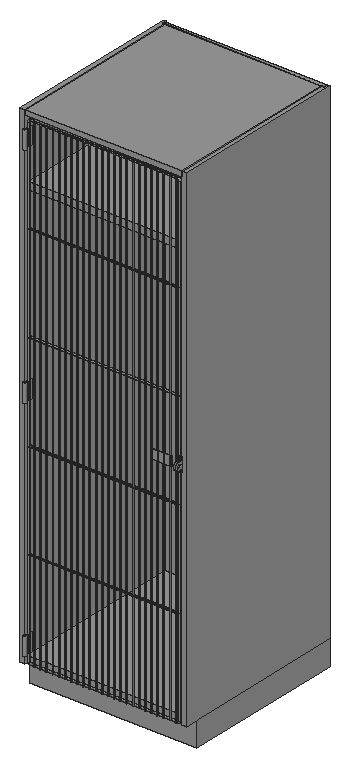
Revit family "TMI_M3044-Music_WireDoors1", category Casework, Revit 2016
Family settings
  OmniClass Number = 23.40.35.14.11
  OmniClass Title = Modular Casework
  Work Plane-Based = No
  Always vertical = Yes
  Cut with Voids When Loaded = No
  Shared = No
  Room Calculation Point = No
Parameters (values of type "27" x 84-1/2" x 29"")
  URL = "www.tmisystems.com"
  Toe Kick Height = 4"
  Toe Kick Depth = 2"
  Shelf Thickness = 1 1/8"
  Model = "M3044"
  Manufacturer = "TMI Systems Corporation"
  Interior Finish = none
  Filler Width (Hinge) [instance] = 3"
  Filler (Pull Side) [instance] = no
  Filler (Hinge Side) [instance] = no
  Filler Width (Pull) [instance] = 3"
  Description = "Cello, Guitar, Snare Drums, Field Drum"
  Depth = 29"
  Height = 84 1/2"
  Width = 27"
  Casework Thickness = 3/4"
  Casework Back Thickness = 1/2"
  Cabinet Finish = Plastic Laminate
  Assembly Code = ""
Types (2): name | Depth
  27" x 84-1/2" x 29" | 29"
  27" x 84-1/2" x 39" | 39"
Reference planes (in)
  plane 1 "Back": y = 15
  plane 2: z = 0
  plane 3 "Center (Left/Right)": x = 0.7377
  plane 4 "Left": x = -12.7623
  plane 5 "Right": x = 14.2377
  plane 6 "Front": y = -14
  plane 7 "Top": z = 84.5
  plane 8: y = 14.375
  plane 9: x = -12.0123
  plane 10: x = 13.4877
  plane 11: z = 83.75
  plane 12: y = 14.875
  plane 13: y = -12
  plane 14: z = 4
  plane 15: z = 5.125
  plane 16: y = -13.61906
  plane 17: y = -11.25
  plane 18: y = -13.25
  plane 19: y = -13.49461
  plane 20: z = 42.25
  plane 21: z = 83.25
  plane 22: x = 13.8627
  plane 23: x = -12.3873
  plane 24: z = 73.875
  plane 25: y = -13.60344
Forms (in)
  Extrusion 1, solid, material "Plastic Laminate" <- "Cabinet Finish"
    sketch origin (0, 0.21844, 0) x (1, 0, 0) y (0, 1, 0)
      loop
        line (-12.7623, 14.78156) -> (-12.7623, -14.21844) -> (-12.0123, -14.21844) -> (-12.0123, 14.15656) -> (-12.38677, 14.15656) -> (-12.38677, 14.78156) -> (-12.7623, 14.78156)
      loop
        line (13.86077, 14.78156) -> (13.86077, 14.15656) -> (13.4877, 14.15656) -> (13.4877, -14.21844) -> (14.2377, -14.21844) -> (14.2377, 14.78156) -> (13.86077, 14.78156)
    from 4 to 84.5
  Extrusion 2, solid, material "Plastic Laminate" <- "Cabinet Finish"
    sketch origin (0.84915, 11.94613, -1.44731) x (1, 0, 0) y (0, 0, 1)
      loop
        line (-12.86145, 6.57231) -> (-12.86145, 5.44731) -> (12.63855, 5.44731) -> (12.63855, 6.57231) -> (-12.86145, 6.57231)
    from -2.42887 to 25.54956
  Extrusion 3, solid, material "Plastic Laminate" <- "Cabinet Finish"
    sketch origin (0, 0, 0) x (1, 0, 0) y (0, 1, 0)
      loop
        line (-12.38677, 14.875) -> (-12.38677, 14.375) -> (13.86077, 14.375) -> (13.86077, 14.875) -> (-12.38677, 14.875)
    from 84.5 to 4
  Extrusion 4, solid, material "Plastic Laminate" <- "Cabinet Finish", visible <- "Filler (Pull Side)"
    sketch origin (0, -14, 0) x (1, 0, 0) y (0, 0, 1)
      loop
        line (14.2377, 84.5) -> (14.2377, 4) -> (17.2377, 4) -> (17.2377, 84.5) -> (14.2377, 84.5)
    from -0.75 to 0
  Extrusion 5, solid, material "Plastic Laminate" <- "Cabinet Finish", visible <- "Filler (Hinge Side)"
    sketch origin (0, -14, 0) x (1, 0, 0) y (0, 0, 1)
      loop
        line (-15.7623, 84.5) -> (-15.7623, 4) -> (-12.7623, 4) -> (-12.7623, 84.5) -> (-15.7623, 84.5)
    from -0.75 to 0
  Extrusion 6, solid, material "Wood"
    sketch origin (0, 0, 0) x (1, 0, 0) y (0, 0, 1)
      loop
        line (14.2377, 4) -> (-12.7623, 4) -> (-12.7623, 0) -> (14.2377, 0) -> (14.2377, 4)
    from -15 to 12
  Extrusion 7, solid, material "Wood", visible <- "Filler (Pull Side)"
    sketch origin (0, 0, 0) x (1, 0, 0) y (0, 0, 1)
      loop
        line (17.2377, 4) -> (14.2377, 4) -> (14.2377, 0) -> (17.2377, 0) -> (17.2377, 4)
    from 11.25 to 12
  Extrusion 8, solid, material "Wood", visible <- "Filler (Hinge Side)"
    sketch origin (0, 0, 0) x (1, 0, 0) y (0, 0, 1)
      loop
        line (-12.7623, 4) -> (-15.7623, 4) -> (-15.7623, 0) -> (-12.7623, 0) -> (-12.7623, 4)
    from 11.25 to 12
  Extrusion 9, solid, material "Plastic Laminate" <- "Cabinet Finish"
    sketch origin (0, -14, 0) x (1, 0, 0) y (0, 0, 1)
      loop
        line (-12.0123, 72.75) -> (13.4877, 72.75) -> (13.4877, 73.875) -> (-12.0123, 73.875) -> (-12.0123, 72.75)
    from -28.375 to -0.50539
  Extrusion 10, solid, material "Plastic Laminate" <- "Cabinet Finish"
    sketch origin (0, 15, 0) x (1, 0, 0) y (0, 0, 1)
      loop
        line (-12.0123, 84.5) -> (-12.0123, 83.75) -> (13.4877, 83.75) -> (13.4877, 84.5) -> (-12.0123, 84.5)
    from 0.625 to 29
Lines and regions (in)
  Masking region 1
    outline origin (44.5, 0, 0) x (1, 0, 0) y (0, 1, 0)
      loop
        line (-57.2623, 15) -> (-57.2623, -14) -> (-30.2623, -14) -> (-30.2623, 15) -> (-57.2623, 15)
  Masking region 2, visible <- "Filler (Hinge Side)"
    outline origin (0, 0, 0) x (1, 0, 0) y (0, 1, 0)
      loop
        line (-15.7623, -13.25) -> (-15.7623, -14) -> (-12.7623, -14) -> (-12.7623, -13.25) -> (-15.7623, -13.25)
  Masking region 3, visible <- "Filler (Pull Side)"
    outline origin (0, 0, 0) x (1, 0, 0) y (0, 1, 0)
      loop
        line (14.2377, -13.25) -> (14.2377, -14) -> (17.2377, -14) -> (17.2377, -13.25) -> (14.2377, -13.25)
  symbolic lines, style "CaseworkHiddenLines"
    curve 1: line (-0.1998, -14, 0) -> (-0.3248, -14, 0)
    curve 2: line (1.9252, -14, 0) -> (2.0502, -14, 0)
Dimensions and locks (in)
  "Width": plane 4 "Left" to plane 5 "Right"
  equal spacing: plane 4 "Left", plane 3 "Center (Left/Right)", plane 5 "Right"
  "Casework Thickness": plane 4 "Left" to plane 9
  "Casework Thickness": plane 10 to plane 5 "Right"
  "Casework Thickness": plane 7 "Top" to plane 11
  "Filler Width (Pull)": plane 5 "Right" to Extrusion 4
  "Filler Width (Hinge)": Extrusion 5 to plane 4 "Left"
  "Depth": plane 6 "Front" to plane 1 "Back"
  locked: plane 12 to plane 1 "Back" at 0.125
  "Toe Kick Depth": plane 13 to plane 6 "Front"
  "Toe Kick Height": plane 14 to level
  "Height": plane 7 "Top" to level
  locked: plane 6 "Front" to plane 16 at 0.38094
  locked: plane 6 "Front" to plane 18 at 0.75
  locked: plane 17 to plane 13 at 0.75
  plane 16 to plane 19 = 0.12445"
  equal spacing: plane 7 "Top", plane 20, plane 2
  locked: plane 11 to plane 21 at 0.5
  "Shelf Thickness": plane 15 to plane 14
  equal spacing: plane 4 "Left", plane 23, plane 9
  equal spacing: plane 10, plane 22, plane 5 "Right"
  "Casework Back Thickness": plane 12 to plane 8
  equal spacing: plane 23, plane 3 "Center (Left/Right)", plane 22
  "Shelf Thickness": plane 24 to Extrusion 9
  locked: plane 16 to plane 25 at 0.01562
  locked: plane 11 to plane 24 at 9.875
  aligned and locked: plane 2 to level
  aligned and locked: Extrusion 1 sketch curve to plane 4 "Left"
  aligned and locked: Extrusion 1 sketch curve to plane 9
  aligned and locked: Extrusion 1 sketch curve to plane 10
  aligned and locked: Extrusion 1 sketch curve to plane 5 "Right"
  aligned and locked: Extrusion 1 to plane 1 "Back"  (x2)
  aligned and locked: plane 8 to Extrusion 3 sketch curve
  aligned and locked: Extrusion 1 to plane 7 "Top"
  aligned and locked: plane 7 "Top" to Extrusion 4 sketch curve
  aligned and locked: Extrusion 4 sketch curve to plane 5 "Right"
  aligned and locked: plane 7 "Top" to Extrusion 5 sketch curve
  aligned and locked: Extrusion 7 to Extrusion 6
  aligned and locked: Extrusion 8 to Extrusion 6
  aligned and locked: plane 14 to Extrusion 8
  aligned and locked: plane 14 to Extrusion 6
  aligned and locked: plane 14 to Extrusion 7
  aligned and locked: Extrusion 4 to plane 14
  aligned and locked: Extrusion 5 to plane 14
  aligned and locked: Extrusion 1 to plane 14
  aligned and locked: Extrusion 2 to plane 14
  aligned and locked: plane 15 to Extrusion 2
  aligned and locked: Extrusion 6 to Extrusion 1
  aligned and locked: plane 1 "Back" to Masking region 1 sketch curve
  aligned and locked: Extrusion 8 to plane 13
  aligned and locked: plane 8 to Extrusion 9
  aligned and locked: plane 4 "Left" to Masking region 2 sketch curve
  aligned and locked: Masking region 3 sketch curve to plane 5 "Right"
  aligned and locked: plane 6 "Front" to Extrusion 1  (x2)
  aligned and locked: plane 6 "Front" to Extrusion 4
  aligned and locked: plane 6 "Front" to Extrusion 5
  aligned and locked: plane 17 to Extrusion 7
  aligned and locked: Extrusion 4 to plane 18
  aligned and locked: Extrusion 5 to plane 18
  aligned and locked: plane 17 to Extrusion 8
  aligned and locked: Extrusion 8 to Extrusion 5
  aligned and locked: Masking region 2 to Extrusion 5
  aligned and locked: Masking region 2 to plane 18
  aligned and locked: Extrusion 4 to Extrusion 7
  aligned and locked: Masking region 3 to Extrusion 4
  aligned and locked: Masking region 3 to plane 18
  aligned and locked: Extrusion 2 to plane 9
  aligned and locked: Extrusion 9 to plane 19
  aligned and locked: Extrusion 2 to plane 10
  aligned and locked: Extrusion 10 sketch curve to plane 11
  aligned and locked: plane 9 to Extrusion 10 sketch curve
  aligned and locked: Extrusion 10 sketch curve to plane 10
  aligned and locked: plane 6 "Front" to Extrusion 10
  aligned and locked: plane 9 to Extrusion 1
  aligned and locked: plane 6 "Front" to Masking region 1
  aligned and locked: Extrusion 10 to plane 7 "Top"
  aligned and locked: plane 8 to Extrusion 10
  aligned and locked: Extrusion 3 to Extrusion 1  (x2)
  aligned and locked: plane 8 to Extrusion 2
  aligned and locked: Extrusion 3 to plane 14
  aligned and locked: Extrusion 3 to plane 7 "Top"
  aligned and locked: plane 10 to Extrusion 9 sketch curve
  aligned and locked: Extrusion 9 sketch curve to plane 9
  aligned and locked: plane 24 to Extrusion 9 sketch curve
  aligned and locked: nested 1 to plane 14
  aligned and locked: plane 9 to nested 1
  aligned and locked: nested 1 to plane 6 "Front"
  aligned and locked: plane 25 to Extrusion 2
Automatic sketch dimensions
  curve 1 to level = 0"
  curve 2 to level = 0"
  curve 1 to curve 1 = 1/8"
  curve 2 to curve 2 = 1/8"
  plane 1 "Back" to Extrusion 1 sketch curve = 0"  (x2)
  Extrusion 1 sketch curve to plane 8 = 0"  (x2)
  plane 6 "Front" to Extrusion 1 sketch curve = 0"  (x2)
  Extrusion 1 sketch curve to plane 23 = 0.00052"
  plane 22 to Extrusion 1 sketch curve = 0.00194"
  Extrusion 2 sketch curve to plane 9 = 0"
  plane 10 to Extrusion 2 sketch curve = 0"
  Extrusion 2 sketch curve to plane 14 = 0"
  Extrusion 2 sketch curve to plane 15 = 0"
  Extrusion 3 sketch curve to plane 12 = 0"
  Extrusion 3 sketch curve to plane 23 = 0.00052"
  plane 22 to Extrusion 3 sketch curve = 0.00194"
  Extrusion 4 sketch curve to plane 14 = 0"
  Extrusion 4 sketch curve to plane 5 "Right" = 3"
  Extrusion 5 sketch curve to plane 14 = 0"
  plane 4 "Left" to Extrusion 5 sketch curve = 0"
  Extrusion 5 sketch curve to Extrusion 5 sketch curve = 3"
  plane 4 "Left" to Extrusion 6 sketch curve = 0"
  Extrusion 6 sketch curve to level = 0"
  plane 5 "Right" to Extrusion 6 sketch curve = 0"
  Extrusion 6 sketch curve to plane 14 = 0"
  plane 5 "Right" to Extrusion 7 sketch curve = 0"
  Extrusion 7 sketch curve to level = 0"
  Extrusion 7 sketch curve to plane 14 = 0"
  Extrusion 7 sketch curve to plane 5 "Right" = 3"
  Extrusion 8 sketch curve to plane 14 = 0"
  Extrusion 8 sketch curve to level = 0"
  plane 4 "Left" to Extrusion 8 sketch curve = 0"
  Extrusion 8 sketch curve to Extrusion 8 sketch curve = 3"
  Masking region 1 sketch curve to plane 4 "Left" = 0"
  Masking region 1 sketch curve to plane 5 "Right" = 0"
  plane 6 "Front" to Masking region 1 sketch curve = 0"
  plane 6 "Front" to Masking region 2 sketch curve = 0"
  plane 18 to Masking region 2 sketch curve = 0"
  plane 4 "Left" to Masking region 2 sketch curve = 3"
  plane 6 "Front" to Masking region 3 sketch curve = 0"
  plane 18 to Masking region 3 sketch curve = 0"
  Masking region 3 sketch curve to Masking region 3 sketch curve = 3"
  Extrusion 10 sketch curve to plane 7 "Top" = 0"
  Extrusion 9 sketch curve to plane 24 = 1 1/8"
  plane 3 "Center (Left/Right)" to curve 2 = 1 3/16"
  curve 1 to plane 3 "Center (Left/Right)" = 15/16"
Nested families (in)
  nested 1: "Full Height Wire Grille Door 27in Wide" at (0.73685, -13.76369, 4), type "Full Height Wire Grille Door 27in Wide"
    with Number of Verticle Bars 24, Bar Spacing 1"
Definition of nested family "Full Height Wire Grille Door 27in Wide"
  Parameters (values of type "Full Height Wire Grille Door 27in Wide")
    Width = 24 1/2"
    Pull height from Bottom of Casework = 37 13/16"
    Number of Verticle Bars [instance] = (Width / Bar Spacing) - 1  # 24
    Height = 79 1/4"
    Distance of Hinge from Edge of Casework = 2 13/16"
    Bar Spacing [instance] = 1"
  Reference planes (in)
    plane 1 "Center (Front/Back)": y = 0
    plane 2: z = 0
    plane 3 "Center (Left/Right)": x = 0
    plane 4: x = -12.37415
    plane 5: x = -12.12585
    plane 6: z = 79.25
    plane 7: z = 79
    plane 8: z = 79.125
    plane 9: x = -12.25
    plane 10: x = 12.38138
    plane 11: x = 12.11862
    plane 12: x = 12.25
    plane 13: z = 0.25
    plane 14: z = 0.125
    plane 15: y = -0.125
    plane 16: z = 39.625
    plane 17: z = 47.525
    plane 18: z = 63.325
    plane 19: z = 31.725
    plane 20: z = 15.925
    plane 21: y = -0.17188
    plane 22: x = -11.25
    plane 23: y = 0.28516
    plane 24: x = 12.75638
    plane 25: y = -0.23631
    plane 26: z = 37.8125
    plane 27: z = 2.8125
    plane 28: z = 76.4375
    plane 29: z = 38.9375
    plane 30: z = 37.8125
  Forms (in)
    Sweep 1, solid
      path origin (0, 0, 0) x (1, 0, 0) y (0, 0, 1)
        loop
          arc (-12, 79.125) -> (-12.17678, 79.05178) -> (-12.25, 78.875) r 0.25
          line (-12.25, 78.875) -> (-12.25, 0.375)
          arc (-12.25, 0.375) -> (-12.17678, 0.19822) -> (-12, 0.125) r 0.25
          line (-12, 0.125) -> (12, 0.125)
          arc (12, 0.125) -> (12.17678, 0.19822) -> (12.25, 0.375) r 0.25
          line (12.25, 0.375) -> (12.25, 78.875)
          arc (12.25, 78.875) -> (12.17678, 79.05178) -> (12, 79.125) r 0.25
          line (12, 79.125) -> (-12, 79.125)
      profile "4 Circle : 4 Circle" origin (0, 0, 79.125) x (0, 0, 1) y (0, -1, 0)
        loop
          circle (0, 0) r 0.125
    Extrusion 2, solid
      sketch origin (0, 0, 0) x (0, 1, 0) y (0, 0, 1)
        loop
          circle (0, 63.325) r 0.125
        loop
          circle (0, 47.525) r 0.125
        loop
          circle (0, 15.925) r 0.125
        loop
          circle (0, 31.725) r 0.125
      from -12.25 to 12.25
    Extrusion 3, solid
      sketch origin (-0.62456, 0, 0) x (1, 0, 0) y (0, 1, 0)
        loop
          circle (-10.62544, -0.17188) r 0.0625
      from 0 to 79.25
    Extrusion 4, solid
      sketch origin (0.37544, 0, 0) x (1, 0, 0) y (0, 1, 0)
        loop
          circle (-10.62544, -0.17188) r 0.0625
      from 0 to 79.25
    Extrusion 5, solid
      sketch origin (1.37544, 0, 0) x (1, 0, 0) y (0, 1, 0)
        loop
          circle (-10.62544, -0.17188) r 0.0625
      from 0 to 79.25
    Extrusion 6, solid
      sketch origin (2.37544, 0, 0) x (1, 0, 0) y (0, 1, 0)
        loop
          circle (-10.62544, -0.17188) r 0.0625
      from 0 to 79.25
    Extrusion 7, solid
      sketch origin (3.37544, 0, 0) x (1, 0, 0) y (0, 1, 0)
        loop
          circle (-10.62544, -0.17188) r 0.0625
      from 0 to 79.25
    Extrusion 8, solid
      sketch origin (4.37544, 0, 0) x (1, 0, 0) y (0, 1, 0)
        loop
          circle (-10.62544, -0.17188) r 0.0625
      from 0 to 79.25
    Extrusion 9, solid
      sketch origin (5.37544, 0, 0) x (1, 0, 0) y (0, 1, 0)
        loop
          circle (-10.62544, -0.17188) r 0.0625
      from 0 to 79.25
    Extrusion 10, solid
      sketch origin (6.37544, 0, 0) x (1, 0, 0) y (0, 1, 0)
        loop
          circle (-10.62544, -0.17188) r 0.0625
      from 0 to 79.25
    Extrusion 11, solid
      sketch origin (7.37544, 0, 0) x (1, 0, 0) y (0, 1, 0)
        loop
          circle (-10.62544, -0.17188) r 0.0625
      from 0 to 79.25
    Extrusion 12, solid
      sketch origin (8.37544, 0, 0) x (1, 0, 0) y (0, 1, 0)
        loop
          circle (-10.62544, -0.17188) r 0.0625
      from 0 to 79.25
    Extrusion 13, solid
      sketch origin (9.37544, 0, 0) x (1, 0, 0) y (0, 1, 0)
        loop
          circle (-10.62544, -0.17188) r 0.0625
      from 0 to 79.25
    Extrusion 14, solid
      sketch origin (10.37544, 0, 0) x (1, 0, 0) y (0, 1, 0)
        loop
          circle (-10.62544, -0.17188) r 0.0625
      from 0 to 79.25
    Extrusion 15, solid
      sketch origin (11.37544, 0, 0) x (1, 0, 0) y (0, 1, 0)
        loop
          circle (-10.62544, -0.17188) r 0.0625
      from 0 to 79.25
    Extrusion 16, solid
      sketch origin (12.37544, 0, 0) x (1, 0, 0) y (0, 1, 0)
        loop
          circle (-10.62544, -0.17188) r 0.0625
      from 0 to 79.25
    Extrusion 17, solid
      sketch origin (13.37544, 0, 0) x (1, 0, 0) y (0, 1, 0)
        loop
          circle (-10.62544, -0.17188) r 0.0625
      from 0 to 79.25
    Extrusion 18, solid
      sketch origin (14.37544, 0, 0) x (1, 0, 0) y (0, 1, 0)
        loop
          circle (-10.62544, -0.17188) r 0.0625
      from 0 to 79.25
    Extrusion 19, solid
      sketch origin (15.37544, 0, 0) x (1, 0, 0) y (0, 1, 0)
        loop
          circle (-10.62544, -0.17188) r 0.0625
      from 0 to 79.25
    Extrusion 20, solid
      sketch origin (16.37544, 0, 0) x (1, 0, 0) y (0, 1, 0)
        loop
          circle (-10.62544, -0.17188) r 0.0625
      from 0 to 79.25
    Extrusion 21, solid
      sketch origin (17.37544, 0, 0) x (1, 0, 0) y (0, 1, 0)
        loop
          circle (-10.62544, -0.17188) r 0.0625
      from 0 to 79.25
    Extrusion 22, solid
      sketch origin (18.37544, 0, 0) x (1, 0, 0) y (0, 1, 0)
        loop
          circle (-10.62544, -0.17188) r 0.0625
      from 0 to 79.25
    Extrusion 23, solid
      sketch origin (19.37544, 0, 0) x (1, 0, 0) y (0, 1, 0)
        loop
          circle (-10.62544, -0.17188) r 0.0625
      from 0 to 79.25
    Extrusion 24, solid
      sketch origin (20.37544, 0, 0) x (1, 0, 0) y (0, 1, 0)
        loop
          circle (-10.62544, -0.17188) r 0.0625
      from 0 to 79.25
    Extrusion 25, solid
      sketch origin (21.37544, 0, 0) x (1, 0, 0) y (0, 1, 0)
        loop
          circle (-10.62544, -0.17188) r 0.0625
      from 0 to 79.25
    Extrusion 26, solid
      sketch origin (22.37544, 0, 0) x (1, 0, 0) y (0, 1, 0)
        loop
          circle (-10.62544, -0.17188) r 0.0625
      from 0 to 79.25
    Extrusion 27, solid
      sketch origin (0, 0, 0) x (1, 0, 0) y (0, 0, 1)
        loop
          line (7.94388, 38.5625) -> (7.94388, 37.0625) -> (11.13138, 37.0625) -> (11.13138, 38.5625) -> (7.94388, 38.5625)
      from 0.23631 to 0.33984
  Lines and regions (in)
    model lines
      curve 1: line (12.27951, 0, 79.125) -> (-12.25002, 0, 39.625)
      curve 2: line (-12.25002, 0, 39.625) -> (12.25, 0, 0.125)
  Dimensions and locks (in)
    locked: plane 6 to plane 7 at 0.25
    equal spacing: plane 6, plane 8, plane 7
    equal spacing: plane 4, plane 9, plane 5
    locked: plane 4 to plane 5 at 0.24829
    equal spacing: plane 10, plane 12, plane 11
    plane 10 to plane 11 = 0.26276"
    equal spacing: plane 13, plane 14, plane 2
    locked: plane 13 to plane 2 at 0.25
    equal spacing: plane 12, plane 3 "Center (Left/Right)", plane 9
    locked: plane 15 to plane 1 "Center (Front/Back)" at 0.125
    "Width": plane 12 to plane 9
    "Height": plane 6 to plane 2
    plane 8 to plane 14 = 79"
    equal spacing: plane 8, plane 18, plane 17, plane 19, plane 20, plane 14
    "Bar Spacing": plane 9 to plane 22
    locked: plane 15 to plane 21 at 0.04688
    plane 1 "Center (Front/Back)" to plane 23 = 73/256"
    locked: plane 10 to plane 24 at 0.375
    locked: plane 21 to plane 25 at 0.06444
    "Pull height from Bottom of Casework": plane 26 to plane 2
    "Distance of Hinge from Edge of Casework": plane 6 to plane 28
    "Distance of Hinge from Edge of Casework": plane 27 to plane 2
    equal spacing: plane 6, plane 16, level
    locked: plane 29 to plane 26 at 1.125
    equal spacing: group 1, group 2, group 3, group 4, group 5, group 6, group 7, group 8, group 9, group 10, group 11, group 12, group 13, group 14, group 15, group 16, group 17, group 18, group 19, group 20, group 21, group 22, group 23, group 24  (x3)
    locked: Extrusion 27 sketch curve to Extrusion 27 sketch curve at 1.5
    locked: Extrusion 27 sketch curve to Extrusion 27 sketch curve at 3.1875
    equal spacing: Extrusion 27 sketch curve, plane 30, Extrusion 27 sketch curve
    locked: nested 1 to Extrusion 27 sketch curve at 1.25
    aligned and locked: plane 2 to level
    aligned and locked: Sweep 1 sketch curve to plane 12
    aligned and locked: Sweep 1 sketch curve to plane 8
    aligned and locked: plane 9 to Sweep 1 sketch curve
    aligned and locked: plane 14 to Sweep 1 sketch curve
    aligned and locked: Extrusion 2 to plane 12
    aligned and locked: Extrusion 2 to plane 9
    aligned and locked: Extrusion 3 to plane 2
    aligned and locked: nested 1 to plane 10
    aligned and locked: nested 1 to plane 23
    aligned and locked: plane 24 to nested 2
    aligned and locked: nested 2 to plane 23
    aligned and locked: plane 10 to nested 1
    aligned and locked: nested 3 to plane 4
    aligned and locked: plane 25 to nested 3
    aligned and locked: nested 3 to plane 28
    aligned and locked: nested 4 to plane 4
    aligned and locked: plane 25 to nested 4
    aligned and locked: nested 4 to plane 27
    aligned and locked: nested 5 to plane 4
    aligned and locked: nested 5 to plane 16
    aligned and locked: plane 25 to nested 5
    aligned and locked: plane 6 to Extrusion 3
    aligned and locked: nested 2 to plane 29
    aligned and locked: nested 1 to plane 29
    aligned and locked: plane 30 to plane 26
    aligned and locked: plane 25 to Extrusion 27
    aligned and locked: nested 1 to Extrusion 27
  Automatic sketch dimensions
    plane 5 to Sweep 1 sketch curve = 0.12585"
    Sweep 1 sketch curve to Sweep 1 sketch curve = 1/4"  (x2)
    plane 11 to Sweep 1 sketch curve = 0.11862"
    Extrusion 2 sketch curve to plane 1 "Center (Front/Back)" = 0"  (x4)
    Extrusion 2 sketch curve to plane 20 = 0"
    Extrusion 2 sketch curve to plane 19 = 0"
    Extrusion 2 sketch curve to plane 17 = 0"
    Extrusion 2 sketch curve to plane 18 = 0"
    curve 2 to plane 16 = 0"
    plane 12 to curve 2 = 0"
    curve 1 to plane 8 = 0"
    curve 2 to plane 14 = 0"
    curve 2 to plane 9 = 0"
    curve 1 to plane 12 = 0.02951"
    radius of Extrusion 3 sketch curve = 1/16"
    radius of Extrusion 2 sketch curve = 1/8"  (x4)
    radius of Extrusion 4 sketch curve = 1/16"
    radius of Extrusion 5 sketch curve = 1/16"
    radius of Extrusion 6 sketch curve = 1/16"
    radius of Extrusion 7 sketch curve = 1/16"
    radius of Extrusion 8 sketch curve = 1/16"
    radius of Extrusion 9 sketch curve = 1/16"
    radius of Extrusion 10 sketch curve = 1/16"
    radius of Extrusion 11 sketch curve = 1/16"
    radius of Extrusion 12 sketch curve = 1/16"
    radius of Extrusion 13 sketch curve = 1/16"
    radius of Extrusion 14 sketch curve = 1/16"
    radius of Extrusion 15 sketch curve = 1/16"
    radius of Extrusion 16 sketch curve = 1/16"
    radius of Extrusion 17 sketch curve = 1/16"
    radius of Extrusion 18 sketch curve = 1/16"
    radius of Extrusion 19 sketch curve = 1/16"
    radius of Extrusion 20 sketch curve = 1/16"
    radius of Extrusion 21 sketch curve = 1/16"
    radius of Extrusion 22 sketch curve = 1/16"
    radius of Extrusion 23 sketch curve = 1/16"
    radius of Extrusion 24 sketch curve = 1/16"
    radius of Extrusion 25 sketch curve = 1/16"
    radius of Extrusion 26 sketch curve = 1/16"
  Nested families (in)
    nested 1: "Pad Lock" at (12.38138, -0.33984, 37.8125), type "Pad Lock"
    nested 2: "Pad Lock" at (12.69388, -0.33984, 37.8125), type "Pad Lock"
    nested 3: "5k hinge (music)" at (-12.5929, 0.76369, 75.03125) x (-1, 0, 0) z (0, 0, 1), type "5k hinge (music)"
      with Width 16"
    nested 4: "5k hinge (music)" at (-12.5929, 0.76369, 1.40625) x (-1, 0, 0) z (0, 0, 1), type "5k hinge (music)"
      with Width 16"
    nested 5: "5k hinge (music)" at (-12.5929, 0.76369, 38.21875) x (-1, 0, 0) z (0, 0, 1), type "5k hinge (music)"
      with Width 16"
  Definition of nested family "Pad Lock"
    Reference planes (in)
      plane 1 "Center (Front/Back)": y = 0
      plane 2: z = 0
      plane 3 "Center (Left/Right)": x = 0
      plane 4: z = 1.125
      plane 5: z = -1.125
      plane 6: y = -1.125
      plane 7: y = 0.625
      plane 8: y = -0.5625
      plane 9: x = 0.0625
    Forms (in)
      Extrusion 1, solid
        sketch origin (0, 0.00036, 0.01611) x (0, 0, 1) y (0, -1, 0)
          loop
            line (0.98389, 0) -> (0.56967, 0) -> (0.56967, 0.56286)
            arc (0.56967, 0.56286) -> (0, 1.13253) -> (-0.56967, 0.56286) r 0.56967
            line (-0.56967, 0.56286) -> (-0.56967, 0) -> (-1.01611, 0)
            arc (-1.01611, 0) -> (-1.1045, -0.03661) -> (-1.14111, -0.125) r 0.125
            line (-1.14111, -0.125) -> (-1.14111, -0.62464) -> (1.10889, -0.62464) -> (1.10889, -0.125)
            arc (1.10889, -0.125) -> (1.07227, -0.03661) -> (0.98389, 0) r 0.125
          loop
            circle (0, 0.56286) r 0.375
        from 0 to 0.0625
    Dimensions and locks (in)
      locked: plane 4 to plane 5 at 2.25
      locked: plane 6 to plane 7 at 1.75
      locked: plane 9 to plane 3 "Center (Left/Right)" at 0.0625
      equal spacing: plane 1 "Center (Front/Back)", plane 8, plane 6
      locked: plane 7 to plane 1 "Center (Front/Back)" at 0.625
      equal spacing: plane 5, plane 2, plane 4
      aligned and locked: plane 2 to level
      aligned and locked: plane 9 to Extrusion 1
    Automatic sketch dimensions
      Extrusion 1 sketch curve to Extrusion 1 sketch curve = 0"  (x2)
      Extrusion 1 sketch curve to plane 5 = 0"
      Extrusion 1 sketch curve to plane 8 = 0"
      plane 4 to Extrusion 1 sketch curve = 0"
      Extrusion 1 sketch curve to plane 7 = 0"
      Extrusion 1 sketch curve to plane 1 "Center (Front/Back)" = 0.00036"
      plane 5 to Extrusion 1 sketch curve = 1/8"
      Extrusion 1 sketch curve to level = 0.55355"
      level to Extrusion 1 sketch curve = 0.01611"
      Extrusion 1 sketch curve to Extrusion 1 sketch curve = 1/8"
      Extrusion 1 sketch curve to plane 1 "Center (Front/Back)" = 0.12536"
      radius of Extrusion 1 sketch curve = 3/8"
  Definition of nested family "5k hinge (music)"
    Parameters (values of type "5k hinge (music)")
      door thickness = 1"
      Width [instance] = 16"
      Hinge Distance from Door = 9/16"
      5K hinge size = 2 13/16"
    Reference planes (in)
      plane 1 "Center (Front/Back)": y = 0
      plane 2: z = 0
      plane 3 "Center (Left/Right)": x = 0
      plane 4: x = -0.15625
      plane 5: y = -1
      plane 6: y = -0.5
      plane 7: y = -1.5625
      plane 8: y = -1.28125
      plane 9: x = 0.15625
      plane 10: z = 2.8125
      plane 11: z = 1.40625
      plane 12: x = -0.21875
    Forms (in)
      Extrusion 1, solid
        sketch origin (-8.15625, 0, 0) x (1, 0, 0) y (0, 1, 0)
          loop
            line (8.15625, -1) -> (8.15625, -1.04949)
            arc (8.15625, -1.04949) -> (7.85521, -1.421) -> (8.3125, -1.28125) r 0.25
            line (8.3125, -1.28125) -> (8.3125, 0) -> (8.15625, 0) -> (7.9375, 0) -> (7.9375, -1) -> (8.15625, -1)
        from 0 to 2.8125
    Dimensions and locks (in)
      equal spacing: plane 1 "Center (Front/Back)", plane 6, plane 5
      "Hinge Distance from Door": plane 5 to plane 7
      equal spacing: plane 5, plane 8, plane 7
      "5K hinge size": plane 10 to plane 2
      "door thickness": plane 1 "Center (Front/Back)" to plane 5
      equal spacing: plane 10, plane 11, plane 2
      equal spacing: plane 4, plane 3 "Center (Left/Right)", plane 9
      plane 4 to plane 9 = 5/16"
      plane 12 to plane 4 = 1/16"
      aligned and locked: plane 2 to level
      aligned and locked: plane 5 to Extrusion 1 sketch curve
      aligned and locked: Extrusion 1 to plane 10
      aligned and locked: plane 9 to Extrusion 1
      aligned and locked: Extrusion 1 to plane 2
      aligned and locked: plane 12 to Extrusion 1 sketch curve
    Automatic sketch dimensions
      Extrusion 1 sketch curve to plane 8 = 0"
      plane 1 "Center (Front/Back)" to Extrusion 1 sketch curve = 0"
      Extrusion 1 sketch curve to plane 9 = 0"
      plane 4 to Extrusion 1 sketch curve = 1/16"
      Extrusion 1 sketch curve to plane 3 "Center (Left/Right)" = 0"  (x2)
